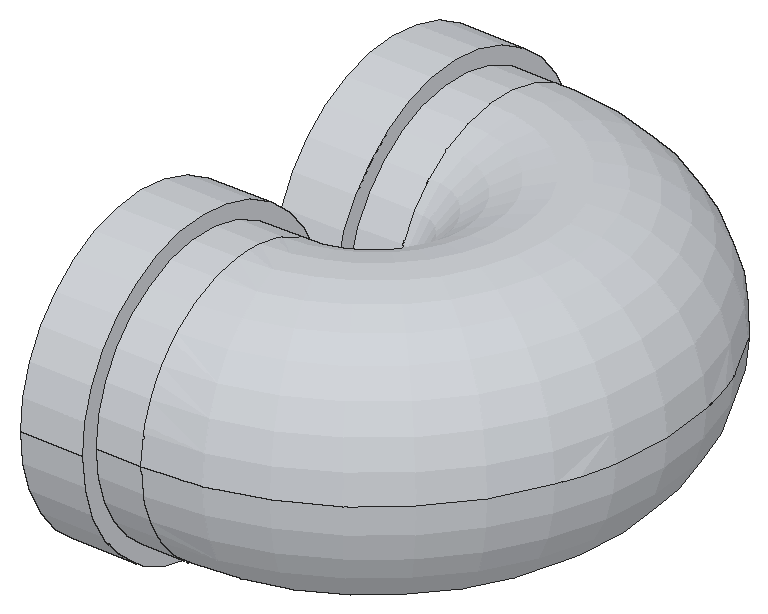
Revit family "M_Padrão intermediário da curva do retorno - Rosqueada - MI - Classe 150", category Conexões de tubo, Revit 2019
Family settings
  Cota do conector redondo = Usar raio
  Tipo de parte = Múltiplas portas
  Número OmniClass = 23.60.30.11.14
  Título OmniClass = Pipework Fittings
  ID de item do Seek = Return Bend Medium-Pattern - Threaded - MI - Class 150-0000-CAN-ENU
  Com base no plano de trabalho = Não
  Sempre na vertical = Sim
  Corte com vazios quando carregada = Não
  Compartilhado = Não
Parameters (values of type "Padrão")
  Tamanho da marca de revisão [instance] = Diâmetro externo da conexão * 0.4  # 10.88 mm
  Comprimento da rosca [instance] = size_lookup(Nome da tabela de pesquisa, "TLgt", 0.19 * Diâmetro nominal + 9.624 mm, Diâmetro nominal)  # 10.9 mm
  Raio nominal [instance] = 7.5 mm
  Diâmetro nominal [instance] = Raio nominal * 2  # 15 mm
  Espessura do Metal [instance] = size_lookup(Nome da tabela de pesquisa, "MThk", 0.06 * Diâmetro nominal + 2.282 mm, Diâmetro nominal)  # 2.95 mm
  Método de perda = Não definido
  Nome da tabela de pesquisa = "M_Return Bend Medium-Pattern - Threaded - MI - Class 150"
  Comprimento 1 [instance] = Diâmetro interno da conexão + 2 * Espessura do Metal + 0.794 mm  # 27.994 mm
  Meio centro ao centro [instance] = 0.5 * Centro ao centro  # 15.9 mm
  Raio externo da conexão [instance] = Diâmetro externo da conexão / 2  # 13.6 mm
  Diâmetro externo da conexão [instance] = Diâmetro interno da conexão + Espessura do Metal * 2  # 27.2 mm
  Diâmetro interno da conexão [instance] = size_lookup(Nome da tabela de pesquisa, "FID", 1.06 * Diâmetro nominal + 6.052 mm, Diâmetro nominal)  # 21.3 mm
  Centro ao centro [instance] = if(Centro ao centro 1 > Diâmetro interno da conexão + 2 * Espessura do Metal, Centro ao centro 1, Comprimento 1)  # 31.8 mm
  Centro ao centro 1 [instance] = size_lookup(Nome da tabela de pesquisa, "CtC", 1.26 * Diâmetro nominal + 14.188 mm, Diâmetro nominal)  # 31.8 mm
  Largura da fita [instance] = size_lookup(Nome da tabela de pesquisa, "BWid", 0.12 * Diâmetro nominal + 4.564 mm, Diâmetro nominal)  # 6.3 mm
  Raio externo da fita [instance] = Diâmetro externo da fita / 2  # 15.2 mm
  Diâmetro externo da fita [instance] = size_lookup(Nome da tabela de pesquisa, "BOD", 1.22 * Diâmetro nominal + 13.295 mm, Diâmetro nominal)  # 30.4 mm
Reference planes
  plane 1 "Centro (Frente/Trás)": y = 0
  plane 2: z = 0
  plane 3 "Centro (Esquerda/Direita)": x = 0
  plane 4: y = -31.8
  plane 5: x = 6.3
  plane 6: x = 10.9
  plane 7: y = -15.9
Forms (mm)
  Sweep 1, solid, detail levels fine
    path origin (0, 0, 0) x (1, 0, 0) y (0, 1, 0)
      loop
        line (0, 0) -> (6.3, 0)
    profile origin (3.15, 0, 0) x (0, 1, 0) y (0, 0, 1)
      loop
        circle (0, 0) r 15.2
  Sweep 2, solid, detail levels fine
    path origin (0, 0, 0) x (1, 0, 0) y (0, 1, 0)
      loop
        line (0, -31.8) -> (6.3, -31.8)
    profile origin (3.15, -31.8, 0) x (0, 1, 0) y (0, 0, 1)
      loop
        circle (0, 0) r 15.2
  Sweep 3, solid, detail levels fine
    path origin (0, 0, 0) x (1, 0, 0) y (0, 1, 0)
      loop
        line (6.3, 0) -> (10.9, 0)
        arc (10.9, 0) -> (26.8, -15.9) -> (10.9, -31.8) r 15.9
        line (10.9, -31.8) -> (6.3, -31.8)
    profile origin (26.8, -15.9, 0) x (1, 0, 0) y (0, 0, 1)
      loop
        circle (0, 0) r 13.6
Cuts and joins
  joined: Sweep 1, Sweep 2, Sweep 3
Lines and regions (mm)
  model lines, detail levels coarse+medium
    curve 1: line (0, -31.8, 0) -> (10.9, -31.8, 0)
    curve 2: line (0, 0, 0) -> (10.9, 0, 0)
    curve 3: arc (10.9, 0, 0) -> (26.8, -15.9, 0) -> (10.9, -31.8, 0) r 15.9
    curve 4: line (0, 10.88, 0) -> (0, -10.88, 0)
    curve 5: line (0, -20.92, 0) -> (0, -42.68, 0)
Dimensions and locks
  "Centro ao centro": plane 4 to plane 1 "Centro (Frente/Trás)"
  "Largura da fita": plane 3 "Centro (Esquerda/Direita)" to plane 5
  "Comprimento da rosca": plane 3 "Centro (Esquerda/Direita)" to plane 6
  equal spacing: plane 4, plane 7, plane 1 "Centro (Frente/Trás)"
  "Tamanho da marca de revisão": curve 4 to curve 2  (x2)
  "Tamanho da marca de revisão": curve 5 to curve 1
  "Tamanho da marca de revisão": curve 1 to curve 5
  "Raio externo da fita": radius of Sweep 1 sketch curve
  "Raio externo da fita": radius of Sweep 2 sketch curve
  "Meio centro ao centro": radius of Sweep 3 sketch curve
  "Raio externo da conexão": radius of Sweep 3 sketch curve
  "Meio centro ao centro": radius of curve 3
  aligned and locked: plane 3 "Centro (Esquerda/Direita)" to Sweep 1 sketch curve
  aligned and locked: plane 5 to Sweep 1 sketch curve
  aligned and locked: plane 1 "Centro (Frente/Trás)" to Sweep 1 sketch curve  (x2)
  aligned and locked: plane 2 to Sweep 1 sketch curve
  aligned and locked: plane 3 "Centro (Esquerda/Direita)" to Sweep 2 sketch curve
  aligned and locked: Sweep 2 sketch curve to plane 4
  aligned and locked: plane 2 to Sweep 2 sketch curve
  aligned and locked: plane 4 to Sweep 2 sketch curve
  aligned and locked: plane 7 to Sweep 3 sketch curve
  aligned and locked: plane 6 to Sweep 3 sketch curve
  aligned and locked: Sweep 1 to Sweep 3 sketch curve
  aligned and locked: plane 1 "Centro (Frente/Trás)" to Sweep 3 sketch curve
  aligned and locked: Sweep 2 to Sweep 3 sketch curve
  aligned and locked: Sweep 3 sketch curve to plane 4
  aligned and locked: plane 7 to curve 3
  aligned and locked: plane 6 to curve 3
  aligned and locked: plane 1 "Centro (Frente/Trás)" to curve 2
  aligned and locked: curve 1 to plane 4
  aligned and locked: curve 4 to plane 3 "Centro (Esquerda/Direita)"
  aligned and locked: curve 5 to plane 3 "Centro (Esquerda/Direita)"
  aligned and locked: plane 6 to curve 2
  aligned and locked: plane 6 to curve 1
Automatic sketch dimensions
  Sweep 2 sketch curve to plane 5 = 0 mm
  Sweep 3 sketch curve to level = 0 mm
  profile plane to Sweep 3 sketch curve = 0 mm
Connectors
  piping at (0, 0, 0), diameter 15, driven by "Raio nominal"
    settings: on Sweep 1, index 1, connector inside diameter 15 mm, connector length 0 mm, flow factor 0, pipe flow 0.0 L/s, pressure drop 0.0 Pa, fitting loss kfactor 0, connector angle 0.00°, fixture units 0, engagement length 0 mm, angle of deflection 0.00°, flow configuration 0, flow direction 0, fitting loss method 0, system type 28, joint type 0, gender type 0, connector reference index 2, connector utility 0, adjustable connector no, is connector primary yes, connector description ""
  piping at (0, -31.8, 0), diameter 15, driven by "Raio nominal"
    settings: on Sweep 2, index 2, connector inside diameter 15 mm, connector length 0 mm, flow factor 0, pipe flow 0.0 L/s, pressure drop 0.0 Pa, fitting loss kfactor 0, connector angle 0.00°, fixture units 0, engagement length 0 mm, angle of deflection 0.00°, flow configuration 0, flow direction 0, fitting loss method 0, system type 28, joint type 0, gender type 0, connector reference index 1, connector utility 0, adjustable connector no, is connector primary no, connector description ""
